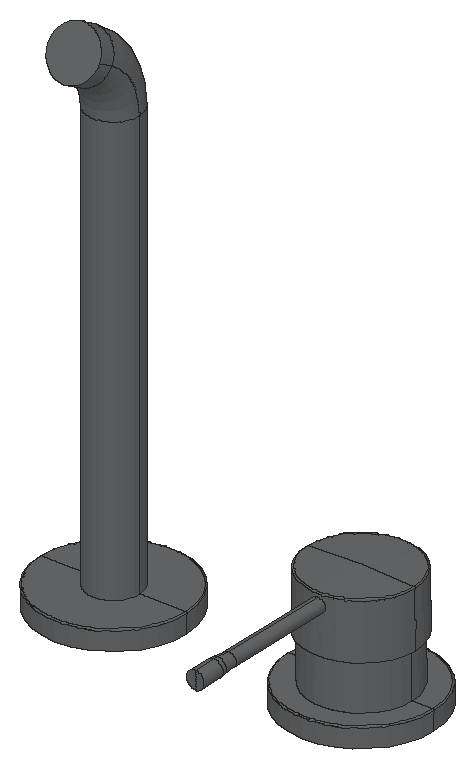
Revit family "Grohe_BasinMixer_29193KF1", category Plumbing Fixtures, host Face, Revit 2020
Family settings
  Host = Face
  Round Connector Dimension = Use Diameter
  Part Type = Normal
  OmniClass Number = 23.45.05.00
  OmniClass Title = Sanitary Equipment
  Cut with Voids When Loaded = No
  Shared = No
  Room Calculation Point = No
Parameters (values of type "Basin Mixer (29193KF1)")
  _ObjectUserGuide = "https://www.bimstore.co/products/grohe-29193KF1/document/object-user-guide"
  _DistributedBy = "https://www.bimstore.co/"
  _CurrentRevision = 1
  _CreatedBy = "https://www.bimstore.co/"
  _BimSpecGuid = 0
  _BSBibleVersion = 17
  _AuthorizedBy = "bimstore"
  _Author = "RL 171"
  WarrantyStartDate [instance] = "Please Record on Commissioning"
  WarrantyGuarantorParts = "info-uk@grohe.com"
  WarrantyGuarantorLabor = "info-uk@grohe.com"
  WarrantyDurationUnit = "Years"
  WarrantyDurationParts = "0"
  WarrantyDurationLabor = "0"
  WarrantyDescription = "n/a"
  URL = "https://www.grohe.co.uk/en_gb/-29193KF1.html"
  TypeName = "Basin Mixer"
  Type Comments = "Basin Mixer"
  TPIDocumentLink = "https://cdn.cloud.grohe.com/tpi/2000/2100/2180/2185/2185090/original/2185090.pdf"
  SustainabilityReport = "green.grohe.com/reporting"
  SustainabilityAward = "green.grohe.com/awards"
  SpareParts = "info-uk@grohe.com"
  Size = "n/a"
  Shape = "n/a"
  SerialNumber [instance] = "Please Record on Commissioning"
  ReplacementCost = "n/a"
  ReferencedStandard = "n/a"
  ProductionYear = "2023"
  ProductType = "Single Lever Mixer"
  ProductShortText = "Two-hole basin mixer<br />L-Size"
  ProductNumber = "29193KF1"
  ProductDescription = "wall mounted\r\n\r\nset for final installation for 23 571 000\r\n\r\nwithout concealed body\r\n\r\nmetal escutcheon\r\n\r\nmetal lever\r\n\r\nGROHE Long-Life finish\r\n\r\nGROHE Water Saving mousseur 5.7 l/min\r\n\r\nGROHE AquaGuide adjustable mousseur\r\n\r\ncenter distance 110 mm\r\n\r\nprojection 230 mm\r\n\r\nprofessional exclusive"
  PrimaryMaterial = Grohe_Black
  PQDiagramLink = "https://cdn.cloud.grohe.com/PQCharts/lores/2/291/original/29193KF1-pqchart-en_GB.svg"
  NominalLength = 0 mm
  NominalHeight = 0 mm
  NominalDepth = 0 mm
  NBSReference = "45-35-70/349"
  NBSOfficeMasterTag = "n/a"
  NBSObjectName = "Grohe - Mixer taps"
  NBSNote = "n/a"
  NBSDescription = "Mixer taps"
  ModelReference = "Basin Mixer"
  ModelNumber = "29193KF1"
  Model = "Basin Mixer"
  Material = "n/a"
  ManufacturerName = "Grohe"
  Manufacturer = "Grohe"
  Keynote = "N16"
  InstallationVideo = "n/a"
  InstallationDate [instance] = "Please Record on Commissioning"
  IfcExportType = "IfcPipeFittingType"
  IfcExportAs = "IfcPipeFitting"
  Grade = "n/a"
  GROHESustainability = "green.grohe.com"
  GROHESocialCommittment = "green.grohe.com/social_engagement"
  FullRecyclabilityOfPlastic = "All plastic components are fully recycable"
  Finish = "Black"
  Features = "n/a"
  ExpectedLife = 0
  Ecojoy = no
  DurationUnit = "Years"
  DocumentationTechnical = "https://www.bimstore.co/products/grohe-29193KF1/document/technical-data-sheet"
  DocumentationMaintenance = "https://www.bimstore.co/products/grohe-29193KF1/document/maintenance-information"
  DocumentationLiterature = "https://www.bimstore.co/products/grohe-29193KF1/document/product-literature"
  DocumentationInstallationGuide = "https://www.bimstore.co/products/grohe-29193KF1/document/installation-guide"
  DocumentationCertificates = "https://www.bimstore.co/products/grohe-29193KF1/document/product-certificates"
  DimensionsDocumentLink = "https://cdn.cloud.grohe.com/dimdraw/1000/1800/1860/1867/1867899/1280/1867899.jpg"
  Description = "Basin Mixer"
  Default Elevation = 0 mm
  CreatedOn = "2023-12-05T:09:00:00"
  CreatedBy = "info-uk@grohe.com"
  CradleToCradleCertification = "n/a"
  Cost = 0
  Constituents = "n/a"
  Color = "Grohe_Black"
  CodePerformance = "n/a"
  ClassificationValue = "Pr_40_20_87_55"
  ClassificationName = "Uniclass2015"
  CO2NeutralProduction = "GROHE is one of the first leading manufacturer within the sanitary industry having a CO2-neutral production."
  BarCode [instance] = "Please Record on Commissioning"
  BIMObjectName = "Grohe_BasinMixer_29193KF1"
  AssetType = "Fixed"
  AssetIdentifier [instance] = "n/a"
  Assembly Code = "D2013"
  AccessibilityPerformance = "n/a"
Reference planes
  plane 1 "Center (Front/Back)": y = 0
  plane 2: z = 0
  plane 3 "Center (Left/Right)": x = 0
Forms (mm)
  Revolve 1, solid, material "Grohe_Black" <- "PrimaryMaterial"
    sketch origin (0, 0, 0) x (1, 0, 0) y (0, 0, 1)
      loop
        line (-55, 0) -> (-55, 8.6) -> (-87, 8.6)
        arc (-87, 8.6) -> (-87.354, 8.454) -> (-87.5, 8.1) r 0.5
        line (-87.5, 8.1) -> (-87.5, 0) -> (-55, 0)
      axis (-55, 8.6) -> (-55, 0)
    angle from 0 to 360
  Sweep 2, solid, material "Grohe_Black" <- "PrimaryMaterial"
    path origin (0, 0, 0) x (0, 1, 0) y (0, 0, 1)
      loop
        line (0, 8.6) -> (0, 199.036)
        arc (0, 199.036) -> (-4.151, 214.53) -> (-15.491, 225.873) r 30.991
        line (-15.491, 225.873) -> (-21.985, 229.623)
    profile origin (0, 0, 103.818) x (0, -1, 0) y (1, 0, 0)
      loop
        circle (0, -54.994) r 11.5
  Revolve 3, solid, material "Grohe_Black" <- "PrimaryMaterial"
    sketch origin (110, 0, 0) x (1, 0, 0) y (0, 0, 1)
      loop
        line (-55, 0) -> (-55, 55.223)
        arc (-55, 55.223) -> (-66.718, 55.009) -> (-78.419, 54.367) r 320.975
        arc (-78.419, 54.367) -> (-78.813, 54.18) -> (-78.976, 53.775) r 0.6
        line (-78.976, 53.775) -> (-79.215, 29.324) -> (-77.108, 29.324)
        arc (-77.108, 29.324) -> (-77.321, 28.92) -> (-77.526, 28.512) r 25.1
        line (-77.526, 28.512) -> (-77.699, 8.6) -> (-87, 8.6)
        arc (-87, 8.6) -> (-87.354, 8.454) -> (-87.5, 8.1) r 0.5
        line (-87.5, 8.1) -> (-87.5, 0) -> (-55, 0)
      axis (-55, 55.223) -> (-55, 0)
    angle from 0 to 360
  Revolve 4, solid, material "Grohe_Black" <- "PrimaryMaterial"
    sketch origin (55, 0, 0) x (0, 1, 0) y (0, 0, 1)
      loop
        line (-91.994, 49.324) -> (0, 49.324) -> (0, 52.447) -> (-73.522, 52.447)
        arc (-73.522, 52.447) -> (-76.516, 52.588) -> (-79.483, 53.009) r 31.884
        arc (-79.483, 53.009) -> (-80.6, 53.168) -> (-81.727, 53.221) r 12
        line (-81.727, 53.221) -> (-91.994, 53.221) -> (-91.994, 49.324)
      axis (0, 49.324) -> (-91.994, 49.324)
    angle from 0 to 360
Cuts and joins
  joined: Revolve 1, Sweep 2, Revolve 3, Revolve 4
Dimensions and locks
  aligned and locked: plane 2 to host face
  aligned and locked: level to host face
